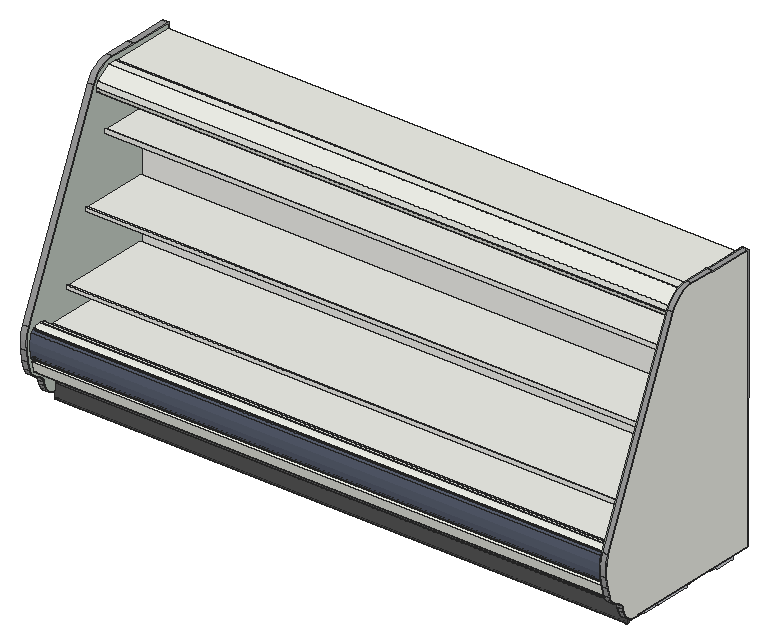
Revit family "IC3SL_2014", category Specialty Equipment, Revit 2014
Parameters (values of type "12'-0" Length")
  Width = 144 1/2"
  Waste Drain = 1 1/4"  # constant formula
  URL = "www.hussmann.com"
  Type Comments = ""
  Trim = Stainless Steel
  Total Weight = Case Weight + (2 * End Weight)  # 1350.00 lbf
  Top Clearance = 1 1/2"  # constant formula
  Splashguard = Textured Sheet Metal (Steel Painted) - 701 Black
  Side Panel - Right [instance] = yes
  Side Panel - Left [instance] = yes
  Shelves = Sheet Metal (Steel Painted) - 700 Interior White
  Shelf Lights [instance] = yes
  Shelf = yes
  Revit Family Date = "11/25/2015"  # constant formula
  Refrigeration Lines Suction = 5/8"  # constant formula
  Refrigeration Lines Liquid = 3/8"  # constant formula
  Refrig. Suction = "Suction"
  Refrig. Liquid = "Liquid"
  Number of Shelves = 3  # constant formula
  Note from Manufacturer = "This model only comes in 4'-0\", 6'-0\", 8'-0\", and 12'-0\" lengths."
  Model = "IC3SL"  # constant formula
  Manufacturer Disclaimer = "The information in this file is not intended to be an exact representation of the corresponding Hussmann product.  Further, we reserve the right to change or revise specifications and product design in connection with any feature of our products. Such changes do not entitle the buyer to corresponding changes, improvements, additions, or replacements for equipment previously sold or shipped."  # constant formula
  Manufacturer = "Hussmann Corporation"  # constant formula
  Height = 68 3/8"  # constant formula
  Ends = Textured Sheet Metal (Steel Painted) - 149 White Satin Matte
  End Weight = 75.00 lbf  # constant formula
  Drain Location = if(Width = 48 1/8", 24", if(Width = 72 1/4", 24", if(Width = 96 1/4", 24", if(Width = 144 1/2", 72", 0"))))  # 72"
  Description = ""
  Depth = 43 5/8"  # constant formula
  Clearance [instance] = no
  Case Weight = if(Width = 48 1/8", 600.00 lbf, if(Width = 72 1/4", 800.00 lbf, if(Width = 96 1/4", 1000.00 lbf, if(Width = 144 1/2", 1200.00 lbf, 0.00 lbf))))  # 1200.00 lbf
  Case Interior - Side Panel = Mirror
  Case Interior - Back Panel = Sheet Metal (Steel Painted) - 700 Interior White
  Case = Textured Sheet Metal (Steel Painted) - 149 White Satin Matte
  Bumper = Extruded PVC - 739 Royal Blue
  Back Clearance = 1 1/2"  # constant formula
  Assembly Code = ""
  Accessories/Options = ""
  8 Case = Width = 96 1/4"  # no
  6 Case = Width = 72 1/4"  # no
  12 Case = Width = 144 1/2"  # yes
Reference planes (in)
  plane 1 "Back": y = 0
  plane 2 "Bottom": z = 0
  plane 3 "Top": z = 68.375
  plane 4 "Left": x = -77.30699
  plane 5 "Front": y = -43.625
  plane 6 "Center (Left/Right)": x = -5.05699
  plane 7: y = 1.5
  plane 8: x = -78.80699
  plane 9 "Right": x = 67.19301
  plane 10: x = 68.69301
  plane 11: z = 24
  plane 12: z = 69.875
  plane 13: z = 54
  plane 14: z = 39
Forms (in)
  Extrusion 1, solid, material "Metal - Copper"
    sketch origin (63.0625, 1.04319, 0) x (1, 0, 0) y (0, 1, 0)
      loop
        arc (-67.86949, -33.91819) -> (-68.31143, -34.10125) -> (-68.49449, -34.54319) r 0.625
        arc (-68.49449, -34.54319) -> (-68.31143, -34.98513) -> (-67.86949, -35.16819) r 0.625
        arc (-67.86949, -35.16819) -> (-67.42754, -34.98513) -> (-67.24449, -34.54319) r 0.625
        arc (-67.24449, -34.54319) -> (-67.42754, -34.10125) -> (-67.86949, -33.91819) r 0.625
      loop
        circle (-67.86949, -34.54319) r 0.5852
    from 5.56944 to 0
  Extrusion 2, solid, material "Metal - Copper"
    sketch origin (57.40105, 5, -0.375) x (1, 0, 0) y (0, 1, 0)
      loop
        circle (0.97946, -33.75) r 0.28859
      loop
        circle (0.97946, -33.75) r 0.3125
    from 5.94444 to 0.375
  Extrusion 3, solid, material "Metal - Copper"
    sketch origin (59.82608, 5, -0.375) x (1, 0, 0) y (0, 1, 0)
      loop
        circle (-0.94557, -33.75) r 0.17188
      loop
        circle (-0.94557, -33.75) r 0.1875
    from 5.94444 to 0.375
  Extrusion 4, solid, material "Textured Sheet Metal (Steel Painted) - 149 White Satin Matte" <- "Case"
    sketch origin (-5.05699, 0, 0) x (0, 1, 0) y (0, 0, 1)
      loop
        line (-6.51268, 65.90801) -> (-6.51268, 16.6168) -> (-6.91828, 16.6168)
        arc (-6.91828, 16.6168) -> (-7.25281, 16.48835) -> (-7.41541, 16.16902) r 0.49985
        arc (-7.41541, 16.16902) -> (-7.47447, 15.77871) -> (-7.56901, 15.39546) r 4.3077
        line (-7.56901, 15.39546) -> (-8.2045, 15.37959)
        arc (-8.2045, 15.37959) -> (-8.38123, 15.45279) -> (-8.45443, 15.62952) r 0.24992
        line (-8.45443, 15.62952) -> (-8.45443, 15.73049) -> (-8.45443, 15.79247) -> (-8.45443, 15.9914)
        arc (-8.45443, 15.9914) -> (-8.50274, 16.10804) -> (-8.61938, 16.15635) r 0.16495
        line (-8.61938, 16.15635) -> (-19.37919, 16.15635)
        arc (-19.37919, 16.15635) -> (-19.46976, 16.12926) -> (-19.53058, 16.05688) r 0.16495
        arc (-19.53058, 16.05688) -> (-19.5914, 15.98451) -> (-19.68198, 15.95742) r 0.16495
        line (-19.68198, 15.95742) -> (-23.20989, 15.95742)
        arc (-23.20989, 15.95742) -> (-24.122, 15.92845) -> (-25.03043, 15.84168) r 14.37659
        line (-25.03043, 15.84168) -> (-35.57184, 14.49597)
        arc (-35.57184, 14.49597) -> (-35.67679, 14.43899) -> (-35.71578, 14.32612) r 0.16495
        arc (-35.71578, 14.32612) -> (-35.77516, 14.15509) -> (-35.93417, 14.06876) r 0.24992
        line (-35.93417, 14.06876) -> (-36.91851, 13.9431) -> (-37.91016, 13.81651) -> (-38.11168, 13.77211) -> (-38.09315, 17.38135) -> (-38.25187, 18.31799)
        arc (-38.25187, 18.31799) -> (-38.25909, 18.33942) -> (-38.27258, 18.35757) r 0.07227
        line (-38.27258, 18.35757) -> (-39.20515, 19.27024)
        arc (-39.20515, 19.27024) -> (-39.22358, 19.28334) -> (-39.24516, 19.29009) r 0.07227
        line (-39.24516, 19.29009) -> (-40.16281, 19.42531)
        arc (-40.16281, 19.42531) -> (-40.21579, 19.41231) -> (-40.24459, 19.36598) r 0.07227
        arc (-40.24459, 19.36598) -> (-40.25606, 19.40537) -> (-40.29138, 19.42472) r 0.05018
        arc (-40.29138, 19.42472) -> (-41.31228, 19.3713) -> (-42.26157, 18.99189) r 3.13128
        arc (-42.26157, 18.99189) -> (-42.28099, 18.97035) -> (-42.28525, 18.94165) r 0.05019
        line (-42.28525, 18.94165) -> (-42.27579, 18.87729) -> (-42.05045, 18.49713) -> (-42.05045, 12.75127) -> (-42.33423, 12.33056) -> (-42.30002, 12.36476)
        spline (-42.30002, 12.36476) -> (-42.29059, 12.3725) -> (-42.27983, 12.37825) -> (-42.26816, 12.3818) -> (-42.25602, 12.38299) -> (-42.24388, 12.3818) -> (-42.23221, 12.37826) -> (-42.22145, 12.37251) -> (-42.21202, 12.36477) -> (-42.20428, 12.35534) -> (-42.19853, 12.34458) -> (-42.19499, 12.3329) -> (-42.1938, 12.32076)
        line (-42.1938, 12.32076) -> (-42.1938, 11.72088)
        spline (-42.1938, 11.72088) -> (-42.19412, 11.71452) -> (-42.1951, 11.70822) -> (-42.19671, 11.70206) -> (-42.19894, 11.69609) -> (-42.20177, 11.69038) -> (-42.20517, 11.685) -> (-42.2091, 11.67998) -> (-42.21352, 11.6754) -> (-42.21839, 11.67129) -> (-42.22365, 11.66771) -> (-42.22925, 11.66468) -> (-42.23513, 11.66224)
        line (-42.23513, 11.66224) -> (-42.23513, 12.03376)
        arc (-42.23513, 12.03376) -> (-42.26764, 12.08072) -> (-42.32304, 12.06685) r 0.05018
        line (-42.32304, 12.06685) -> (-42.79839, 11.52504)
        arc (-42.79839, 11.52504) -> (-42.80955, 11.50331) -> (-42.80913, 11.47889) r 0.05018
        line (-42.80913, 11.47889) -> (-42.14032, 8.99596)
        arc (-42.14032, 8.99596) -> (-42.11102, 8.93786) -> (-42.06108, 8.89616) r 0.16059
        line (-42.06108, 8.89616) -> (-36.23943, 5.77763)
        arc (-36.23943, 5.77763) -> (-36.19804, 5.77279) -> (-36.16499, 5.79817) r 0.0554
        line (-36.16499, 5.79817) -> (-36.07724, 5.96199) -> (-35.24876, 5.51819) -> (-35.22368, 5.56503) -> (-8.50716, 5.56503) -> (0, 10.08456) -> (0, 68.11619) -> (-16.15054, 68.11619)
        arc (-16.15054, 68.11619) -> (-16.24473, 68.22561) -> (-16.38321, 68.26644) r 0.25527
        line (-16.38321, 68.26644) -> (-18.60529, 68.26644)
        arc (-18.60529, 68.26644) -> (-18.64062, 68.26132) -> (-18.67305, 68.24639) r 0.12446
        line (-18.67305, 68.24639) -> (-22.1328, 66.00118)
        arc (-22.1328, 66.00118) -> (-22.16668, 65.96862) -> (-22.18607, 65.92581) r 0.12446
        line (-22.18607, 65.92581) -> (-22.50408, 64.60031)
        arc (-22.50408, 64.60031) -> (-22.50751, 64.57051) -> (-22.50371, 64.54075) r 0.12446
        line (-22.50371, 64.54075) -> (-22.24784, 63.52892)
        arc (-22.24784, 63.52892) -> (-22.22266, 63.4796) -> (-22.1786, 63.44609) r 0.12446
        line (-22.1786, 63.44609) -> (-21.87607, 63.30883)
        arc (-21.87607, 63.30883) -> (-21.80412, 63.29941) -> (-21.73914, 63.33172) r 0.12446
        line (-21.73914, 63.33172) -> (-21.53411, 63.52552)
        arc (-21.53411, 63.52552) -> (-21.501, 63.57827) -> (-21.49758, 63.64046) r 0.12446
        line (-21.49758, 63.64046) -> (-21.69138, 64.60635) -> (-21.4421, 65.06253) -> (-21.06895, 65.06253)
        arc (-21.06895, 65.06253) -> (-21.02898, 65.10085) -> (-21.06559, 65.1424) r 0.04001
        line (-21.06559, 65.1424) -> (-18.86012, 65.1424)
        arc (-18.86012, 65.1424) -> (-18.83622, 65.1473) -> (-18.81617, 65.16121) r 0.06074
        line (-18.81617, 65.16121) -> (-17.43064, 66.54052) -> (-17.43064, 65.90801) -> (-6.51268, 65.90801)
    from 72.25 to -72.25
  Extrusion 5, solid, material "Extruded PVC - 739 Royal Blue" <- "Bumper"
    sketch origin (-5.05699, 0, 0) x (0, 1, 0) y (0, 0, 1)
      loop
        arc (-43.11312, 12.68449) -> (-42.90005, 12.41085) -> (-42.60529, 12.22811) r 0.98415
        arc (-42.60529, 12.22811) -> (-42.57223, 12.21559) -> (-42.53878, 12.20413) r 1.11061
        arc (-42.53878, 12.20413) -> (-42.45215, 12.20488) -> (-42.38343, 12.25762) r 0.1365
        line (-42.38343, 12.25762) -> (-42.05045, 12.75127) -> (-42.05045, 18.49713) -> (-42.27579, 18.87729)
        arc (-42.27579, 18.87729) -> (-42.44345, 18.85247) -> (-42.60529, 18.80215) r 1.09805
        arc (-42.60529, 18.80215) -> (-42.90005, 18.61941) -> (-43.11312, 18.34576) r 0.98415
        arc (-43.11312, 18.34576) -> (-43.55654, 15.51513) -> (-43.11312, 12.68449) r 9.25648
    from 72.25 to -72.25
  Extrusion 6, solid, material "Textured Sheet Metal (Steel Painted) - 701 Black" <- "Splashguard"
    sketch origin (-5.05699, 0, 0) x (0, 1, 0) y (0, 0, 1)
      loop
        line (-35.56829, 3.68546) -> (-35.56829, 0.06236)
        arc (-35.56829, 0.06236) -> (-35.54342, 0.01927) -> (-35.49366, 0.01927) r 0.04975
        line (-35.49366, 0.01927) -> (-35.41903, 0.06236) -> (-35.22157, 0.06236)
        arc (-35.22157, 0.06236) -> (-35.14226, 0.01346) -> (-35.08169, 0.08426) r 0.07165
        line (-35.08169, 0.08426) -> (-35.08169, 3.96765)
        arc (-35.08169, 3.96765) -> (-35.10889, 4.012) -> (-35.16075, 4.00785) r 0.04975
        line (-35.16075, 4.00785) -> (-35.54785, 3.72567)
        arc (-35.54785, 3.72567) -> (-35.56289, 3.70802) -> (-35.56829, 3.68546) r 0.04975
    from 72.25 to -72.25
  Extrusion 7, solid, material "Sheet Metal (Steel Painted) - 700 Interior White" <- "Shelves"
    sketch origin (-5.05699, 0, 0) x (0, 1, 0) y (0, 0, 1)
      loop
        line (-10.4778, 17.57743) -> (-36.46981, 17.57743) -> (-36.46981, 17.08433) -> (-36.88069, 17.08433)
        arc (-36.88069, 17.08433) -> (-36.98062, 17.07117) -> (-37.07375, 17.0326) r 0.38613
        line (-37.07375, 17.0326) -> (-37.21958, 16.9484) -> (-37.21958, 16.55649) -> (-37.17361, 16.55649) -> (-36.88705, 16.72194) -> (-35.47012, 16.72194) -> (-35.47012, 16.95262) -> (-10.4778, 16.95262) -> (-10.4778, 17.09957) -> (-9.827, 17.09957) -> (-9.827, 16.73668) -> (-8.93227, 16.73668) -> (-8.93227, 16.59821)
        arc (-8.93227, 16.59821) -> (-8.9027, 16.52683) -> (-8.83132, 16.49726) r 0.10095
        line (-8.83132, 16.49726) -> (-7.8816, 16.49726) -> (-7.8816, 17.10907) -> (-8.83132, 17.10907)
        arc (-8.83132, 17.10907) -> (-8.85434, 17.10641) -> (-8.87614, 17.09857) r 0.10095
        line (-8.87614, 17.09857) -> (-9.4931, 17.09857)
        arc (-9.4931, 17.09857) -> (-9.37611, 17.14803) -> (-9.32765, 17.26502) r 0.16545
        arc (-9.32765, 17.26502) -> (-9.37611, 17.38201) -> (-9.4931, 17.43047) r 0.16545
        line (-9.4931, 17.43047) -> (-9.62218, 17.52973) -> (-10.4778, 17.52973) -> (-10.4778, 17.57743)
      loop
        arc (-8.38145, 16.1856) -> (-8.41805, 16.27396) -> (-8.50641, 16.31056) r 0.12496
        line (-8.50641, 16.31056) -> (-19.45705, 16.31056)
        arc (-19.45705, 16.31056) -> (-19.54785, 16.28332) -> (-19.60866, 16.21059) r 0.16495
        arc (-19.60866, 16.21059) -> (-19.66947, 16.13786) -> (-19.76027, 16.11062) r 0.16495
        line (-19.76027, 16.11062) -> (-23.20989, 16.11062)
        arc (-23.20989, 16.11062) -> (-24.13172, 16.08135) -> (-25.04983, 15.99365) r 14.5298
        line (-25.04983, 15.99365) -> (-36.39594, 14.54521)
        arc (-36.39594, 14.54521) -> (-36.47504, 14.53479) -> (-36.55386, 14.52247) r 3.33048
        arc (-36.55386, 14.52247) -> (-36.67572, 14.4772) -> (-36.72694, 14.35772) r 0.16495
        line (-36.72694, 14.35772) -> (-36.72694, 14.26117)
        arc (-36.72694, 14.26117) -> (-36.78929, 14.09602) -> (-36.94522, 14.01326) r 0.24992
        line (-36.94522, 14.01326) -> (-37.9194, 13.8889) -> (-37.91016, 13.81651) -> (-36.91851, 13.9431) -> (-35.93417, 14.06876)
        arc (-35.93417, 14.06876) -> (-35.77516, 14.15509) -> (-35.71578, 14.32612) r 0.24992
        arc (-35.71578, 14.32612) -> (-35.67679, 14.43899) -> (-35.57184, 14.49597) r 0.16495
        line (-35.57184, 14.49597) -> (-25.03043, 15.84168)
        arc (-25.03043, 15.84168) -> (-24.122, 15.92845) -> (-23.20989, 15.95742) r 14.37659
        line (-23.20989, 15.95742) -> (-19.68198, 15.95742)
        arc (-19.68198, 15.95742) -> (-19.5914, 15.98451) -> (-19.53058, 16.05688) r 0.16495
        arc (-19.53058, 16.05688) -> (-19.46976, 16.12926) -> (-19.37919, 16.15635) r 0.16495
        line (-19.37919, 16.15635) -> (-8.61938, 16.15635)
        arc (-8.61938, 16.15635) -> (-8.50274, 16.10804) -> (-8.45443, 15.9914) r 0.16495
        line (-8.45443, 15.9914) -> (-8.45443, 15.79247) -> (-8.45443, 15.73049) -> (-8.45443, 15.62952)
        arc (-8.45443, 15.62952) -> (-8.38123, 15.45279) -> (-8.2045, 15.37959) r 0.24992
        line (-8.2045, 15.37959) -> (-7.8816, 15.38765) -> (-7.8816, 15.45257) -> (-8.13153, 15.45257)
        arc (-8.13153, 15.45257) -> (-8.30825, 15.52577) -> (-8.38145, 15.70249) r 0.24992
        line (-8.38145, 15.70249) -> (-8.38145, 15.80455) -> (-8.38145, 15.94567) -> (-8.38145, 16.1856)
    from 72.25 to -72.25
  Extrusion 8, solid, material "Sheet Metal (Steel Painted) - 700 Interior White" <- "Case Interior - Back Panel"
    sketch origin (-4.80699, 0, 0) x (0, 1, 0) y (0, 0, 1)
      loop
        line (-15.11373, 62.66268) -> (-17.48478, 64.91272) -> (-17.13898, 65.27711) -> (-18.79829, 65.00729)
        arc (-18.79829, 65.00729) -> (-18.90455, 65.03906) -> (-18.94535, 65.14219) r 0.12702
        line (-18.94535, 65.14219) -> (-18.84323, 65.14219)
        arc (-18.84323, 65.14219) -> (-18.82417, 65.14598) -> (-18.80802, 65.15677) r 0.04979
        line (-18.80802, 65.15677) -> (-17.43064, 66.53415) -> (-17.43064, 65.72572) -> (-6.52204, 65.72572) -> (-6.52204, 16.73918) -> (-7.8816, 16.73918) -> (-7.8816, 63.21931) -> (-14.15679, 63.27408) -> (-14.94727, 62.44109) -> (-15.14764, 62.63124)
        arc (-15.14764, 62.63124) -> (-15.14849, 62.66386) -> (-15.11587, 62.66471) r 0.02307
      loop
        line (-20.44442, 65.09545) -> (-20.44442, 63.9302) -> (-19.25921, 63.9302) -> (-19.25921, 65.09545) -> (-20.44442, 65.09545)
    from 72 to -72.5
  Extrusion 9, solid, material "Mirror" <- "Case Interior - Side Panel", visible <- "Side Panel - Right"
    sketch origin (67.19301, 0, 0) x (0, 0, 1) y (0, -1, 0)
      loop
        line (2.07462, -0.56243) -> (69.1613, -0.56243) -> (69.1613, 10.63893) -> (69.35266, 10.63893) -> (69.35266, 17.18573)
        arc (69.35266, 17.18573) -> (68.29584, 20.75624) -> (65.46588, 23.1763) r 6.55991
        line (65.46588, 23.1763) -> (19.72383, 43.58746)
        arc (19.72383, 43.58746) -> (17.25686, 44.30025) -> (14.689, 44.31158) r 9.30454
        arc (14.689, 44.31158) -> (13.35723, 44.0885) -> (12.04241, 43.78084) r 21.13916
        line (12.04241, 43.78084) -> (9.71732, 43.15784)
        arc (9.71732, 43.15784) -> (8.51808, 42.54949) -> (7.66622, 41.50901) r 3.26133
        line (7.66622, 41.50901) -> (7.00648, 40.23678)
        arc (7.00648, 40.23678) -> (6.27976, 39.34918) -> (5.25668, 38.83028) r 2.78188
        line (5.25668, 38.83028) -> (4.30074, 38.57422)
        arc (4.30074, 38.57422) -> (2.55726, 37.40943) -> (1.88324, 35.42395) r 3.26133
        line (1.88324, 35.42395) -> (1.88324, 34.37747) -> (2.07462, 34.37747) -> (2.07462, -0.56243)
    from 0.03125 to 0
  Extrusion 10, solid, material "Textured Sheet Metal (Steel Painted) - 149 White Satin Matte" <- "Ends"
    sketch origin (67.19301, 0, 0) x (0, 0, 1) y (0, -1, 0)
      loop
        line (2.07466, -0.56248) -> (69.16134, -0.56248) -> (69.16134, 10.63889) -> (69.35271, 10.63889) -> (69.35271, 17.18569)
        arc (69.35271, 17.18569) -> (68.29588, 20.75619) -> (65.46592, 23.17625) r 6.55991
        line (65.46592, 23.17625) -> (19.72387, 43.58741)
        arc (19.72387, 43.58741) -> (17.2569, 44.30021) -> (14.68904, 44.31154) r 9.30454
        arc (14.68904, 44.31154) -> (13.35727, 44.08846) -> (12.04245, 43.7808) r 21.13916
        line (12.04245, 43.7808) -> (9.71736, 43.1578)
        arc (9.71736, 43.1578) -> (8.51812, 42.54945) -> (7.66626, 41.50896) r 3.26133
        line (7.66626, 41.50896) -> (7.00652, 40.23674)
        arc (7.00652, 40.23674) -> (6.2798, 39.34914) -> (5.25672, 38.83024) r 2.78188
        line (5.25672, 38.83024) -> (4.30078, 38.57418)
        arc (4.30078, 38.57418) -> (2.55731, 37.40939) -> (1.88328, 35.42391) r 3.26133
        line (1.88328, 35.42391) -> (1.88328, 34.37743) -> (2.07466, 34.37743) -> (2.07466, -0.56248)
    from 0.03125 to 1.5
  Extrusion 11, solid, material "Textured Sheet Metal (Steel Painted) - 149 White Satin Matte" <- "Ends"
    sketch origin (-77.30699, 0, 0) x (0, 1, 0) y (0, 0, 1)
      loop
        line (0.56243, 2.07462) -> (0.56243, 69.1613) -> (-10.63893, 69.1613) -> (-10.63893, 69.35266) -> (-17.18573, 69.35266)
        arc (-17.18573, 69.35266) -> (-20.75624, 68.29584) -> (-23.1763, 65.46588) r 6.55991
        line (-23.1763, 65.46588) -> (-43.58746, 19.72383)
        arc (-43.58746, 19.72383) -> (-44.30025, 17.25686) -> (-44.31158, 14.689) r 9.30454
        arc (-44.31158, 14.689) -> (-44.0885, 13.35723) -> (-43.78084, 12.04241) r 21.13916
        line (-43.78084, 12.04241) -> (-43.15784, 9.71732)
        arc (-43.15784, 9.71732) -> (-42.54949, 8.51808) -> (-41.50901, 7.66622) r 3.26133
        line (-41.50901, 7.66622) -> (-40.23678, 7.00648)
        arc (-40.23678, 7.00648) -> (-39.34918, 6.27976) -> (-38.83028, 5.25668) r 2.78188
        line (-38.83028, 5.25668) -> (-38.57422, 4.30074)
        arc (-38.57422, 4.30074) -> (-37.40943, 2.55726) -> (-35.42395, 1.88324) r 3.26133
        line (-35.42395, 1.88324) -> (-34.37747, 1.88324) -> (-34.37747, 2.07462) -> (0.56243, 2.07462)
    from -1.5 to -0.03125
  Extrusion 12, solid, material "Mirror" <- "Case Interior - Side Panel"
    sketch origin (-77.30699, 0, 0) x (0, 1, 0) y (0, 0, 1)
      loop
        line (0.56243, 2.07462) -> (0.56243, 69.1613) -> (-10.63893, 69.1613) -> (-10.63893, 69.35266) -> (-17.18573, 69.35266)
        arc (-17.18573, 69.35266) -> (-20.75624, 68.29584) -> (-23.1763, 65.46588) r 6.55991
        line (-23.1763, 65.46588) -> (-43.58746, 19.72383)
        arc (-43.58746, 19.72383) -> (-44.30025, 17.25686) -> (-44.31158, 14.689) r 9.30454
        arc (-44.31158, 14.689) -> (-44.0885, 13.35723) -> (-43.78084, 12.04241) r 21.13916
        line (-43.78084, 12.04241) -> (-43.15784, 9.71732)
        arc (-43.15784, 9.71732) -> (-42.54949, 8.51808) -> (-41.50901, 7.66622) r 3.26133
        line (-41.50901, 7.66622) -> (-40.23678, 7.00648)
        arc (-40.23678, 7.00648) -> (-39.34918, 6.27976) -> (-38.83028, 5.25668) r 2.78188
        line (-38.83028, 5.25668) -> (-38.57422, 4.30074)
        arc (-38.57422, 4.30074) -> (-37.40943, 2.55726) -> (-35.42395, 1.88324) r 3.26133
        line (-35.42395, 1.88324) -> (-34.37747, 1.88324) -> (-34.37747, 2.07462) -> (0.56243, 2.07462)
    from -0.03125 to 0
  Sweep 13, solid, material "Stainless Steel" <- "Trim"
    path origin (67.19301, 0, 0) x (0, 0, 1) y (0, -1, 0)
      loop
        line (2.07468, -0.5625) -> (69.16136, -0.5625) -> (69.16136, 10.63887) -> (69.35273, 10.63887) -> (69.35273, 17.18567)
        arc (69.35273, 17.18567) -> (68.2959, 20.75617) -> (65.46594, 23.17623) r 6.55991
        line (65.46594, 23.17623) -> (19.72389, 43.58739)
        arc (19.72389, 43.58739) -> (17.25692, 44.30019) -> (14.68906, 44.31152) r 9.30454
        arc (14.68906, 44.31152) -> (13.35729, 44.08843) -> (12.04247, 43.78078) r 21.13916
        line (12.04247, 43.78078) -> (9.71739, 43.15778)
        arc (9.71739, 43.15778) -> (8.51814, 42.54943) -> (7.66629, 41.50894) r 3.26133
        line (7.66629, 41.50894) -> (7.00654, 40.23672)
        arc (7.00654, 40.23672) -> (6.27983, 39.34912) -> (5.25674, 38.83021) r 2.78188
        line (5.25674, 38.83021) -> (4.3008, 38.57416)
        arc (4.3008, 38.57416) -> (2.55733, 37.40937) -> (1.8833, 35.42389) r 3.26133
        line (1.8833, 35.42389) -> (1.8833, 34.3774) -> (2.07468, 34.3774) -> (2.07468, -0.5625)
    profile origin (67.19301, -16.90745, 2.07468) x (0, 0, -1) y (1, 0, 0)
      loop
        line (-0.00002, 0) -> (0.03123, 0) -> (0.03123, 1.5) -> (-0.00002, 1.5) -> (-0.00002, 0)
  Sweep 14, solid, material "Stainless Steel" <- "Trim"
    path origin (-77.30699, 0, 0) x (0, 1, 0) y (0, 0, 1)
      loop
        line (0.56248, 2.07466) -> (0.56248, 69.16134) -> (-10.63889, 69.16134) -> (-10.63889, 69.35271) -> (-17.18569, 69.35271)
        arc (-17.18569, 69.35271) -> (-20.75619, 68.29588) -> (-23.17625, 65.46592) r 6.55991
        line (-23.17625, 65.46592) -> (-43.58741, 19.72387)
        arc (-43.58741, 19.72387) -> (-44.30021, 17.2569) -> (-44.31154, 14.68904) r 9.30454
        arc (-44.31154, 14.68904) -> (-44.08846, 13.35727) -> (-43.7808, 12.04245) r 21.13916
        line (-43.7808, 12.04245) -> (-43.1578, 9.71736)
        arc (-43.1578, 9.71736) -> (-42.54945, 8.51812) -> (-41.50896, 7.66626) r 3.26133
        line (-41.50896, 7.66626) -> (-40.23674, 7.00652)
        arc (-40.23674, 7.00652) -> (-39.34914, 6.2798) -> (-38.83024, 5.25672) r 2.78188
        line (-38.83024, 5.25672) -> (-38.57418, 4.30078)
        arc (-38.57418, 4.30078) -> (-37.40939, 2.55731) -> (-35.42391, 1.88328) r 3.26133
        line (-35.42391, 1.88328) -> (-34.37743, 1.88328) -> (-34.37743, 2.07466) -> (0.56248, 2.07466)
    profile origin (-77.30699, -16.90747, 2.07466) x (0, 0, -1) y (1, 0, 0)
      loop
        line (-0.00004, 0) -> (-0.00004, -1.5) -> (0.03121, -1.5) -> (0.03121, 0) -> (-0.00004, 0)
  Extrusion 15, solid, material "Textured Sheet Metal (Steel Painted) - 701 Black" <- "Splashguard"
    sketch origin (-5.05699, 0, 0) x (0, 1, 0) y (0, 0, 1)
      loop
        line (-35.08169, 2.14108) -> (-35.04686, 2.14108) -> (-35.04686, 4.52666)
        arc (-35.04686, 4.52666) -> (-35.05352, 4.55153) -> (-35.07173, 4.56974) r 0.04975
        line (-35.07173, 4.56974) -> (-36.06979, 5.14597) -> (-36.06979, 5.80949) -> (-36.10461, 5.80949) -> (-36.10461, 5.15459)
        arc (-36.10461, 5.15459) -> (-36.09795, 5.12971) -> (-36.07974, 5.1115) r 0.04975
        line (-36.07974, 5.1115) -> (-35.08169, 4.53527) -> (-35.08169, 2.14108)
    from 72.25 to -72.25
Lines and regions (in)
  reference lines
    curve 1: line (-4.80699, -43.625, 0) -> (-4.80699, 0, 0)
    curve 2: line (64.69301, -43.625, 0) -> (64.69301, 0, 0)
    curve 3: line (58.69301, -43.625, 0) -> (58.69301, 0, 0)
    curve 4: line (-77.30699, -33.5, 0) -> (67.19301, -33.5, 0)
    curve 5: line (67.19301, -28.75, 0) -> (-77.30699, -28.75, 0)
  symbolic lines, style "Clearance", visible <- "Clearance"
    curve 6: line (-77.30699, 1.5, 0) -> (67.19301, 1.5, 0)
    curve 7: line (67.19301, 1.5, 0) -> (67.19301, 0.02372, 0)
    curve 8: line (-77.30699, 1.5, 0) -> (-77.30699, 0, 0)
    curve 9: line (-5.05699, 0, 69.19259) -> (-5.05699, 0, 69.875)
    curve 10: line (-5.05699, 0, 69.875) -> (-5.05699, -22.50751, 69.875)
    curve 11: line (-5.05699, -22.50751, 66.68141) -> (-5.05699, -22.50751, 69.875)
    curve 12: line (-5.05699, 0.59373, 68.11619) -> (-5.05699, 1.5, 68.11619)
    curve 13: line (-5.05699, 1.5, 68.11619) -> (-5.05699, 1.5, 0)
    curve 14: line (-77.30699, -40, 68.07429) -> (-77.30699, -40, 69.875)
    curve 15: line (-77.30699, -40, 69.875) -> (67.19301, -40, 69.875)
    curve 16: line (67.19301, -40, 69.875) -> (67.19301, -40, 68.07429)
  model lines, style "SpecialityEquipment", detail levels fine
    curve 17: line (-5.05699, -35.22368, 5.56503) -> (-5.05699, -42.01761, 9.20439)
    curve 18: arc (-5.05699, -42.01761, 9.20439) -> (-5.05699, -42.04161, 9.22728) -> (-5.05699, -42.05045, 9.25925) r 0.06223
    curve 19: line (-5.05699, -42.05045, 9.25925) -> (-5.05699, -42.05045, 18.49713)
    curve 20: line (-5.05699, -42.05045, 18.49713) -> (-5.05699, -41.00111, 18.49713)
    curve 21: line (-5.05699, -41.00111, 18.49713) -> (-5.05699, -41.00111, 12.7182)
    curve 22: arc (-5.05699, -41.00111, 12.7182) -> (-5.05699, -40.9657, 12.53456) -> (-5.05699, -40.86454, 12.37725) r 0.49387
    curve 23: line (-5.05699, -40.86454, 12.37725) -> (-5.05699, -40.18297, 11.71682)
    curve 24: arc (-5.05699, -40.18297, 11.71682) -> (-5.05699, -40.07462, 11.55465) -> (-5.05699, -40.03657, 11.36337) r 0.49985
    curve 25: line (-5.05699, -40.03657, 11.36337) -> (-5.05699, -40.03657, 10.88856)
    curve 26: arc (-5.05699, -40.03657, 10.88856) -> (-5.05699, -39.89017, 10.53511) -> (-5.05699, -39.53672, 10.38871) r 0.49985
    curve 27: line (-5.05699, -39.53672, 10.38871) -> (-5.05699, -38.69968, 10.38871)
    curve 28: arc (-5.05699, -38.69968, 10.38871) -> (-5.05699, -38.35246, 10.24843) -> (-5.05699, -38.20014, 9.90631) r 0.49985
    curve 29: line (-5.05699, -38.20014, 9.90631) -> (-5.05699, -38.19034, 9.62576)
    curve 30: arc (-5.05699, -38.19034, 9.62576) -> (-5.05699, -38.1151, 9.37898) -> (-5.05699, -37.92683, 9.2026) r 0.49985
    curve 31: line (-5.05699, -37.92683, 9.2026) -> (-5.05699, -37.22246, 8.82528)
    curve 32: arc (-5.05699, -37.22246, 8.82528) -> (-5.05699, -37.10811, 8.78108) -> (-5.05699, -36.98643, 8.76605) r 0.49985
    curve 33: line (-5.05699, -36.98643, 8.76605) -> (-5.05699, -34.78966, 8.76605)
    curve 34: arc (-5.05699, -34.78966, 8.76605) -> (-5.05699, -34.53974, 8.83301) -> (-5.05699, -34.35678, 9.01597) r 0.49985
    curve 35: line (-5.05699, -34.35678, 9.01597) -> (-5.05699, -33.70852, 10.13879)
    curve 36: arc (-5.05699, -33.70852, 10.13879) -> (-5.05699, -33.52557, 10.32175) -> (-5.05699, -33.27564, 10.38871) r 0.49985
    curve 37: line (-5.05699, -33.27564, 10.38871) -> (-5.05699, -24.44274, 10.38871)
    curve 38: line (-5.05699, -24.44274, 10.38871) -> (-5.05699, -11.07263, 12.35589)
    curve 39: arc (-5.05699, -11.07263, 12.35589) -> (-5.05699, -8.87679, 13.36385) -> (-5.05699, -7.56901, 15.39546) r 4.3077
  model lines, style "SpecialityEquipment", not visible, detail levels fine
    curve 40: line (-5.05699, -35.22368, 5.56503) -> (-5.05699, -42.01761, 9.20439)
    curve 41: arc (-5.05699, -42.01761, 9.20439) -> (-5.05699, -42.04161, 9.22728) -> (-5.05699, -42.05045, 9.25925) r 0.06223
    curve 42: line (-5.05699, -42.05045, 9.25925) -> (-5.05699, -42.05045, 18.49713)
    curve 43: line (-5.05699, -42.05045, 18.49713) -> (-5.05699, -41.00111, 18.49713)
    curve 44: line (-5.05699, -41.00111, 18.49713) -> (-5.05699, -41.00111, 12.7182)
    curve 45: arc (-5.05699, -41.00111, 12.7182) -> (-5.05699, -40.9657, 12.53456) -> (-5.05699, -40.86454, 12.37725) r 0.49387
    curve 46: line (-5.05699, -40.86454, 12.37725) -> (-5.05699, -40.18297, 11.71682)
    curve 47: arc (-5.05699, -40.18297, 11.71682) -> (-5.05699, -40.07462, 11.55465) -> (-5.05699, -40.03657, 11.36337) r 0.49985
    curve 48: line (-5.05699, -40.03657, 11.36337) -> (-5.05699, -40.03657, 10.88856)
    curve 49: arc (-5.05699, -40.03657, 10.88856) -> (-5.05699, -39.89017, 10.53511) -> (-5.05699, -39.53672, 10.38871) r 0.49985
    curve 50: line (-5.05699, -39.53672, 10.38871) -> (-5.05699, -38.69968, 10.38871)
    curve 51: arc (-5.05699, -38.69968, 10.38871) -> (-5.05699, -38.35246, 10.24843) -> (-5.05699, -38.20014, 9.90631) r 0.49985
    curve 52: line (-5.05699, -38.20014, 9.90631) -> (-5.05699, -38.19034, 9.62576)
    curve 53: arc (-5.05699, -38.19034, 9.62576) -> (-5.05699, -38.1151, 9.37898) -> (-5.05699, -37.92683, 9.2026) r 0.49985
    curve 54: line (-5.05699, -37.92683, 9.2026) -> (-5.05699, -37.22246, 8.82528)
    curve 55: arc (-5.05699, -37.22246, 8.82528) -> (-5.05699, -37.10811, 8.78108) -> (-5.05699, -36.98643, 8.76605) r 0.49985
    curve 56: line (-5.05699, -36.98643, 8.76605) -> (-5.05699, -34.78966, 8.76605)
    curve 57: arc (-5.05699, -34.78966, 8.76605) -> (-5.05699, -34.53974, 8.83301) -> (-5.05699, -34.35678, 9.01597) r 0.49985
    curve 58: line (-5.05699, -34.35678, 9.01597) -> (-5.05699, -33.70852, 10.13879)
    curve 59: arc (-5.05699, -33.70852, 10.13879) -> (-5.05699, -33.52557, 10.32175) -> (-5.05699, -33.27564, 10.38871) r 0.49985
    curve 60: line (-5.05699, -33.27564, 10.38871) -> (-5.05699, -24.44274, 10.38871)
    curve 61: line (-5.05699, -24.44274, 10.38871) -> (-5.05699, -11.07263, 12.35589)
    curve 62: arc (-5.05699, -11.07263, 12.35589) -> (-5.05699, -8.87679, 13.36385) -> (-5.05699, -7.56901, 15.39546) r 4.3077
Dimensions and locks (in)
  equal spacing: plane 4 "Left", plane 6 "Center (Left/Right)", plane 9 "Right"
  locked: plane 8 to plane 4 "Left" at 1.5
  "Width": plane 4 "Left" to plane 9 "Right"
  locked: curve 2 to plane 9 "Right" at 2.5
  "Drain Location": curve 1 to plane 9 "Right"
  "Depth": plane 5 "Front" to plane 1 "Back"
  "Back Clearance": plane 1 "Back" to plane 7
  locked: curve 3 to plane 9 "Right" at 8.5
  "Height": plane 3 "Top" to level
  locked: plane 1 "Back" to curve 4 at 33.5
  locked: plane 1 "Back" to curve 5 at 28.75
  locked: plane 9 "Right" to plane 10 at 1.5
  locked: plane 11 to level at 24
  locked: plane 13 to level at 54
  "Top Clearance": plane 12 to plane 3 "Top"
  locked: Extrusion 1 sketch curve to Extrusion 1 sketch curve at 0.0398
  locked: Extrusion 3 sketch curve to Extrusion 3 sketch curve at 0.01562
  locked: Extrusion 2 sketch curve to Extrusion 2 sketch curve at 0.02391
  nested 7 to plane 6 "Center (Left/Right)" to nested 8 = 24" locked, 24" locked
  locked: plane 14 to level at 39
  "Waste Drain": diameter of Extrusion 1 sketch curve
  "Refrigeration Lines Liquid": diameter of Extrusion 3 sketch curve
  "Refrigeration Lines Suction": diameter of Extrusion 2 sketch curve
  aligned and locked: plane 5 "Front" to curve 1
  aligned and locked: plane 5 "Front" to curve 2
  aligned and locked: plane 4 "Left" to curve 4
  aligned and locked: plane 4 "Left" to curve 5
  aligned and locked: plane 9 "Right" to curve 5
  aligned and locked: plane 9 "Right" to curve 4
  aligned and locked: Extrusion 2 to level
  aligned and locked: Extrusion 3 to level
  aligned and locked: curve 5 to Extrusion 3 sketch curve  (x4)
  aligned and locked: curve 5 to Extrusion 2 sketch curve  (x4)
  aligned and locked: curve 4 to Extrusion 1 sketch curve  (x3)
  aligned and locked: curve 1 to Extrusion 1 sketch curve
  aligned and locked: curve 3 to Extrusion 3 sketch curve
  aligned and locked: curve 3 to Extrusion 2 sketch curve
  aligned and locked: Extrusion 4 to plane 4 "Left"
  aligned and locked: plane 9 "Right" to Extrusion 4
  aligned and locked: Extrusion 8 to plane 4 "Left"
  aligned and locked: plane 9 "Right" to Extrusion 8
  aligned and locked: Extrusion 7 to plane 4 "Left"
  aligned and locked: plane 9 "Right" to Extrusion 7
  aligned and locked: Extrusion 5 to plane 4 "Left"
  aligned and locked: plane 9 "Right" to Extrusion 5
  aligned and locked: plane 11 to nested 1
  aligned and locked: Extrusion 8 to nested 1
  aligned and locked: Extrusion 8 to nested 2
  aligned and locked: Extrusion 9 to plane 9 "Right"
  aligned and locked: plane 4 "Left" to nested 2
  aligned and locked: plane 4 "Left" to nested 1
  aligned and locked: plane 9 "Right" to Extrusion 6
  aligned and locked: Extrusion 6 to plane 4 "Left"
  aligned and locked: plane 4 "Left" to nested 3
  aligned and locked: nested 1 to nested 3
  aligned and locked: plane 1 "Back" to nested 4
  aligned and locked: plane 4 "Left" to nested 4
  aligned and locked: nested 6 to plane 1 "Back"
  aligned and locked: plane 9 "Right" to nested 6
  aligned and locked: plane 1 "Back" to nested 5
  aligned and locked: plane 6 "Center (Left/Right)" to nested 5
  aligned and locked: nested 8 to plane 1 "Back"
  aligned and locked: plane 1 "Back" to nested 7
  aligned and locked: curve 6 to plane 7
  aligned and locked: curve 8 to plane 4 "Left"
  aligned and locked: curve 7 to plane 9 "Right"
  aligned and locked: curve 13 to plane 7
  aligned and locked: plane 12 to curve 15
  aligned and locked: curve 16 to plane 9 "Right"
  aligned and locked: plane 4 "Left" to curve 14
  aligned and locked: plane 6 "Center (Left/Right)" to nested 9
  aligned and locked: plane 1 "Back" to nested 9
  aligned and locked: nested 2 to nested 10
  aligned and locked: plane 4 "Left" to nested 11
  aligned and locked: Extrusion 8 to nested 11
  aligned and locked: Extrusion 10 to Extrusion 9
  aligned and locked: plane 10 to Extrusion 10
  aligned and locked: plane 8 to Extrusion 11
  aligned and locked: Extrusion 12 to Extrusion 11
  aligned and locked: plane 4 "Left" to Extrusion 12
  aligned and locked: Extrusion 9 to Sweep 13 sketch curve
  aligned and locked: plane 10 to Sweep 13 sketch curve
  aligned and locked: Sweep 14 sketch curve to Extrusion 12
  aligned and locked: Sweep 14 sketch curve to plane 8
  aligned and locked: nested 12 to nested 13
  aligned and locked: plane 13 to nested 2
  aligned and locked: plane 14 to nested 12
  aligned and locked: Extrusion 15 to plane 4 "Left"
  aligned and locked: plane 9 "Right" to Extrusion 15
Automatic sketch dimensions
  plane 1 "Back" to curve 8 = 0"
  curve 7 to plane 1 "Back" = 0.02372"
  level to Extrusion 6 sketch curve = 0.06236"  (x2)
  level to Extrusion 6 sketch curve = 3.72567"
  Extrusion 6 sketch curve to Extrusion 6 sketch curve = 0.02045"
  Extrusion 6 sketch curve to Extrusion 6 sketch curve = 0.04975"  (x2)
  level to Extrusion 6 sketch curve = 0.01927"
  Extrusion 6 sketch curve to Extrusion 6 sketch curve = 0.07463"
  Extrusion 6 sketch curve to Extrusion 6 sketch curve = 0.19746"
  level to Extrusion 6 sketch curve = 4.00785"
  Extrusion 6 sketch curve to Extrusion 6 sketch curve = 0.06823"
  Extrusion 6 sketch curve to Extrusion 6 sketch curve = 0.02931"
  Extrusion 6 sketch curve to Extrusion 6 sketch curve = 0.04021"
  Extrusion 7 sketch curve to Extrusion 7 sketch curve = 0"  (x6)
  plane 5 "Front" to Extrusion 7 sketch curve = 5.7056"
  Extrusion 7 sketch curve to Extrusion 7 sketch curve = 0.00924"
  Extrusion 7 sketch curve to Extrusion 7 sketch curve = 0.69982"
  Extrusion 7 sketch curve to Extrusion 7 sketch curve = 0.04597"
  Extrusion 7 sketch curve to Extrusion 7 sketch curve = 0.14583"
  Extrusion 7 sketch curve to Extrusion 7 sketch curve = 0.94253"
  Extrusion 7 sketch curve to Extrusion 7 sketch curve = 0.03165"  (x2)
  Extrusion 7 sketch curve to Extrusion 7 sketch curve = 0.02671"
  Extrusion 7 sketch curve to Extrusion 7 sketch curve = 0.28657"
  Extrusion 7 sketch curve to Extrusion 7 sketch curve = 0.00636"
  Extrusion 7 sketch curve to Extrusion 7 sketch curve = 0.24992"  (x2)
  Extrusion 7 sketch curve to Extrusion 7 sketch curve = 0.16495"  (x3)
  Extrusion 7 sketch curve to Extrusion 7 sketch curve = 0.41087"
  Extrusion 7 sketch curve to Extrusion 7 sketch curve = 0.16605"
  Extrusion 7 sketch curve to Extrusion 7 sketch curve = 0.91812"
  Extrusion 7 sketch curve to Extrusion 7 sketch curve = 0.43012"
  Extrusion 7 sketch curve to Extrusion 7 sketch curve = 0.39398"
  Extrusion 7 sketch curve to Extrusion 7 sketch curve = 0.02089"
  Extrusion 7 sketch curve to Extrusion 7 sketch curve = 0.99969"
  Extrusion 7 sketch curve to plane 11 = 8.00635"
  Extrusion 7 sketch curve to Extrusion 7 sketch curve = 10.42029"
  Extrusion 7 sketch curve to plane 11 = 8.15832"
  Extrusion 7 sketch curve to Extrusion 7 sketch curve = 0.0194"
  Extrusion 7 sketch curve to Extrusion 7 sketch curve = 1.82053"
  Extrusion 7 sketch curve to Extrusion 7 sketch curve = 3.44963"
  Extrusion 7 sketch curve to Extrusion 7 sketch curve = 0.07829"
  Extrusion 7 sketch curve to Extrusion 7 sketch curve = 0.22493"
  Extrusion 7 sketch curve to Extrusion 7 sketch curve = 0.07786"
  Extrusion 7 sketch curve to Extrusion 7 sketch curve = 8.90139"
  Extrusion 7 sketch curve to Extrusion 7 sketch curve = 0.6508"
  Extrusion 7 sketch curve to Extrusion 7 sketch curve = 0.20482"
  Extrusion 7 sketch curve to Extrusion 7 sketch curve = 0.12908"
  Extrusion 7 sketch curve to Extrusion 7 sketch curve = 0.56083"
  Extrusion 7 sketch curve to Extrusion 7 sketch curve = 0.05613"
  Extrusion 7 sketch curve to Extrusion 7 sketch curve = 0.04482"
  Extrusion 7 sketch curve to Extrusion 7 sketch curve = 0.10095"
  Extrusion 7 sketch curve to Extrusion 7 sketch curve = 0.21194"
  Extrusion 7 sketch curve to Extrusion 7 sketch curve = 0.11297"
  Extrusion 7 sketch curve to Extrusion 7 sketch curve = 0.07298"  (x2)
  Extrusion 7 sketch curve to Extrusion 7 sketch curve = 0.17695"
  Extrusion 7 sketch curve to Extrusion 7 sketch curve = 0.49985"
  Extrusion 7 sketch curve to plane 11 = 8.19545"
  Extrusion 7 sketch curve to Extrusion 7 sketch curve = 0.01208"
  Extrusion 7 sketch curve to Extrusion 7 sketch curve = 0.06198"
  Extrusion 7 sketch curve to Extrusion 7 sketch curve = 0.02799"
  Extrusion 7 sketch curve to Extrusion 7 sketch curve = 0.10097"
  Extrusion 7 sketch curve to Extrusion 7 sketch curve = 0.06492"
  Extrusion 7 sketch curve to plane 11 = 9.45479"
  Extrusion 7 sketch curve to Extrusion 7 sketch curve = 0.04924"
  Extrusion 7 sketch curve to Extrusion 7 sketch curve = 3/16"
  Extrusion 7 sketch curve to Extrusion 7 sketch curve = 0.16362"
  Extrusion 7 sketch curve to Extrusion 7 sketch curve = 0.01567"
  Extrusion 7 sketch curve to Extrusion 7 sketch curve = 0.09655"
  Extrusion 7 sketch curve to Extrusion 7 sketch curve = 0.24791"
  Extrusion 7 sketch curve to Extrusion 7 sketch curve = 0.07016"
  Extrusion 7 sketch curve to Extrusion 7 sketch curve = 2.83046"
  level to Extrusion 7 sketch curve = 1.58082"
  Extrusion 7 sketch curve to Extrusion 7 sketch curve = 0.14112"
  Extrusion 7 sketch curve to Extrusion 7 sketch curve = 0.03399"
  Extrusion 7 sketch curve to Extrusion 7 sketch curve = 0.04574"
  Extrusion 7 sketch curve to Extrusion 7 sketch curve = 0.01175"
  Extrusion 7 sketch curve to Extrusion 7 sketch curve = 0.01075"
  Extrusion 7 sketch curve to Extrusion 7 sketch curve = 0.02924"
  Extrusion 7 sketch curve to Extrusion 7 sketch curve = 0.1867"
  Extrusion 7 sketch curve to Extrusion 7 sketch curve = 2.03402"
  Extrusion 7 sketch curve to Extrusion 7 sketch curve = 0.14171"
  Extrusion 7 sketch curve to Extrusion 7 sketch curve = 0.02374"
  Extrusion 7 sketch curve to Extrusion 7 sketch curve = 0.13847"
  Extrusion 7 sketch curve to Extrusion 7 sketch curve = 0.39191"
  Extrusion 7 sketch curve to Extrusion 7 sketch curve = 0.23068"
  Extrusion 7 sketch curve to Extrusion 7 sketch curve = 0.27143"
  Extrusion 7 sketch curve to Extrusion 7 sketch curve = 0.0842"
  Extrusion 7 sketch curve to Extrusion 7 sketch curve = 0.09046"
  Extrusion 7 sketch curve to Extrusion 7 sketch curve = 0.001"
  Extrusion 7 sketch curve to Extrusion 7 sketch curve = 0.16645"
  Extrusion 7 sketch curve to Extrusion 7 sketch curve = 0.16545"
  Extrusion 7 sketch curve to Extrusion 7 sketch curve = 0.09925"
  Extrusion 7 sketch curve to Extrusion 7 sketch curve = 0.4931"
  Extrusion 7 sketch curve to Extrusion 7 sketch curve = 0.16513"
  Extrusion 7 sketch curve to Extrusion 7 sketch curve = 0.0003"
  plane 3 "Top" to Extrusion 8 sketch curve = 4.4448"
  plane 1 "Back" to Extrusion 8 sketch curve = 20.44442"
  Extrusion 8 sketch curve to Extrusion 8 sketch curve = 1.18521"
  Extrusion 8 sketch curve to Extrusion 8 sketch curve = 0.31387"
  Extrusion 8 sketch curve to Extrusion 8 sketch curve = 0.10212"
  Extrusion 8 sketch curve to Extrusion 8 sketch curve = 0.02454"
  plane 3 "Top" to Extrusion 8 sketch curve = 3.21823"
  Extrusion 8 sketch curve to Extrusion 8 sketch curve = 0.01066"
  plane 3 "Top" to Extrusion 8 sketch curve = 3.36771"
  Extrusion 8 sketch curve to Extrusion 8 sketch curve = 0.02039"
  plane 3 "Top" to Extrusion 8 sketch curve = 3.46228"
  Extrusion 8 sketch curve to Extrusion 8 sketch curve = 1.31352"
  Extrusion 8 sketch curve to Extrusion 8 sketch curve = 0.05413"
  plane 3 "Top" to Extrusion 8 sketch curve = 3.09789"
  Extrusion 8 sketch curve to Extrusion 8 sketch curve = 0.3458"
  plane 3 "Top" to Extrusion 8 sketch curve = 5.74376"
  Extrusion 8 sketch curve to Extrusion 8 sketch curve = 2.33714"
  Extrusion 8 sketch curve to Extrusion 8 sketch curve = 0.01588"  (x2)
  plane 3 "Top" to Extrusion 8 sketch curve = 5.93391"
  Extrusion 8 sketch curve to Extrusion 8 sketch curve = 0.20037"
  plane 3 "Top" to Extrusion 8 sketch curve = 5.10092"
  plane 1 "Back" to Extrusion 8 sketch curve = 7.8816"
  Extrusion 8 sketch curve to Extrusion 8 sketch curve = 1.35957"
  Extrusion 8 sketch curve to plane 11 = 7.26082"
  Extrusion 8 sketch curve to Extrusion 8 sketch curve = 0.01674"
  plane 3 "Top" to Extrusion 8 sketch curve = 5.15569"
  Extrusion 8 sketch curve to Extrusion 8 sketch curve = 1.16525"
  Extrusion 8 sketch curve to Extrusion 8 sketch curve = 0.02411"
  Extrusion 8 sketch curve to Extrusion 8 sketch curve = 0.44861"
  Extrusion 8 sketch curve to Extrusion 8 sketch curve = 0.80843"
  plane 3 "Top" to Extrusion 8 sketch curve = 5.71232"
  plane 3 "Top" to curve 14 = 0.30071"
  plane 3 "Top" to curve 16 = 0.30071"
  Sweep 13 sketch curve to profile plane = 0.03123"
  profile plane to Sweep 13 sketch curve = 0.00002"
  level to Sweep 13 sketch curve = 1.8833"
  Sweep 13 sketch curve to Sweep 13 sketch curve = 0.19138"
  Sweep 13 sketch curve to Sweep 13 sketch curve = 2.41751"
  Sweep 13 sketch curve to Sweep 13 sketch curve = 0.23616"
  Sweep 13 sketch curve to Sweep 13 sketch curve = 3.06994"
  Sweep 13 sketch curve to Sweep 13 sketch curve = 0.95594"
  plane 5 "Front" to Sweep 13 sketch curve = 3.38828"
  Sweep 13 sketch curve to Sweep 13 sketch curve = 1.7498"
  plane 5 "Front" to Sweep 13 sketch curve = 2.11606"
  Sweep 13 sketch curve to Sweep 13 sketch curve = 0.65974"
  plane 5 "Front" to Sweep 13 sketch curve = 0.46722"
  Sweep 13 sketch curve to Sweep 13 sketch curve = 2.0511"
  Sweep 13 sketch curve to Sweep 13 sketch curve = 2.89519"
  Sweep 13 sketch curve to plane 5 "Front" = 0.15578"
  Sweep 13 sketch curve to Sweep 13 sketch curve = 2.32509"
  Sweep 13 sketch curve to Sweep 13 sketch curve = 5.37086"
  Sweep 13 sketch curve to plane 11 = 6.48631"
  plane 5 "Front" to Sweep 13 sketch curve = 0.03761"
  Sweep 13 sketch curve to plane 11 = 4.27611"
  plane 3 "Top" to Sweep 13 sketch curve = 5.58219"
  plane 3 "Top" to Sweep 13 sketch curve = 2.90906"
  plane 12 to Sweep 13 sketch curve = 0.71364"
  Sweep 13 sketch curve to Sweep 13 sketch curve = 0.19137"
  Sweep 13 sketch curve to Sweep 13 sketch curve = 1.4065"
  Sweep 13 sketch curve to Sweep 13 sketch curve = 0.25605"
  Sweep 13 sketch curve to Sweep 13 sketch curve = 4.91716"
  Sweep 13 sketch curve to Sweep 13 sketch curve = 1.04648"
  Sweep 13 sketch curve to Sweep 13 sketch curve = 11.72849"
  plane 5 "Front" to Sweep 13 sketch curve = 20.44877"
  Sweep 13 sketch curve to Sweep 13 sketch curve = 6.5468"
  Sweep 13 sketch curve to plane 1 "Back" = 9/16"
  level to Extrusion 10 sketch curve = 1.88328"
  Extrusion 10 sketch curve to Extrusion 10 sketch curve = 0.19138"
  Extrusion 10 sketch curve to Extrusion 10 sketch curve = 2.41751"
  Extrusion 10 sketch curve to Extrusion 10 sketch curve = 0.23616"
  Extrusion 10 sketch curve to Extrusion 10 sketch curve = 3.06994"
  Extrusion 10 sketch curve to Extrusion 10 sketch curve = 0.95594"
  Extrusion 10 sketch curve to Extrusion 10 sketch curve = 1.7498"
  Extrusion 10 sketch curve to Extrusion 10 sketch curve = 0.65974"
  Extrusion 10 sketch curve to Extrusion 10 sketch curve = 2.0511"
  Extrusion 10 sketch curve to Extrusion 10 sketch curve = 2.89519"
  Extrusion 10 sketch curve to Extrusion 10 sketch curve = 2.32509"
  level to Extrusion 10 sketch curve = 15.93232"
  level to Extrusion 10 sketch curve = 17.51367"
  level to Extrusion 10 sketch curve = 19.72387"
  plane 14 to Extrusion 10 sketch curve = 23.79279"
  plane 14 to Extrusion 10 sketch curve = 26.46592"
  plane 13 to Extrusion 10 sketch curve = 15.16134"
  Extrusion 10 sketch curve to Extrusion 10 sketch curve = 0.19137"
  Extrusion 10 sketch curve to plane 7 = 0.93752"
  Extrusion 10 sketch curve to Extrusion 10 sketch curve = 11.20136"
  Extrusion 10 sketch curve to Extrusion 10 sketch curve = 6.5468"
  Extrusion 10 sketch curve to Extrusion 10 sketch curve = 23.92442"
  Extrusion 10 sketch curve to Extrusion 10 sketch curve = 11.01548"
  Extrusion 10 sketch curve to Extrusion 10 sketch curve = 11.72849"
  Extrusion 10 sketch curve to Extrusion 10 sketch curve = 1.04648"
  Extrusion 10 sketch curve to Extrusion 10 sketch curve = 0.25605"
  Extrusion 10 sketch curve to Extrusion 10 sketch curve = 1.17736"
  Extrusion 10 sketch curve to Extrusion 10 sketch curve = 1.4065"
  Extrusion 10 sketch curve to Extrusion 10 sketch curve = 1.27223"
  Extrusion 10 sketch curve to Extrusion 10 sketch curve = 8.49698"
  Extrusion 10 sketch curve to Extrusion 10 sketch curve = 0.62301"
  level to Sweep 14 sketch curve = 12.04245"
  Sweep 14 sketch curve to plane 7 = 45.2808"
  level to Sweep 14 sketch curve = 19.72387"
  Sweep 14 sketch curve to Sweep 14 sketch curve = 0.19339"
  level to Sweep 14 sketch curve = 9.71736"
  Sweep 14 sketch curve to Sweep 14 sketch curve = 0.62301"
  Sweep 14 sketch curve to Sweep 14 sketch curve = 1.6404"
  level to Sweep 14 sketch curve = 7.66626"
  Sweep 14 sketch curve to Sweep 14 sketch curve = 1.64883"
  level to Sweep 14 sketch curve = 7.00652"
  Sweep 14 sketch curve to Sweep 14 sketch curve = 1.27223"
  Sweep 14 sketch curve to Sweep 14 sketch curve = 1.50137"
  level to Sweep 14 sketch curve = 5.25672"
  Sweep 14 sketch curve to Sweep 14 sketch curve = 1.4065"
  Sweep 14 sketch curve to Sweep 14 sketch curve = 0.25605"
  Sweep 14 sketch curve to Sweep 14 sketch curve = 3.15027"
  Sweep 14 sketch curve to Sweep 14 sketch curve = 4.91716"
  Sweep 14 sketch curve to Sweep 14 sketch curve = 1.04648"
  level to Sweep 14 sketch curve = 17.51367"
  Sweep 14 sketch curve to Sweep 14 sketch curve = 11.72849"
  plane 14 to Sweep 14 sketch curve = 26.46592"
  Sweep 14 sketch curve to Sweep 14 sketch curve = 0.18569"
  plane 14 to Sweep 14 sketch curve = 23.79279"
  Sweep 14 sketch curve to Sweep 14 sketch curve = 5.99056"
  Sweep 14 sketch curve to Sweep 14 sketch curve = 6.5468"
  Sweep 14 sketch curve to Sweep 14 sketch curve = 23.92442"
  Sweep 14 sketch curve to Sweep 14 sketch curve = 0.95594"
  level to Sweep 14 sketch curve = 2.07466"
  Sweep 14 sketch curve to Sweep 14 sketch curve = 0.19138"
  level to Sweep 14 sketch curve = 15.93232"
  plane 13 to Sweep 14 sketch curve = 15.16134"
  Sweep 14 sketch curve to profile plane = 0.03121"
  profile plane to Sweep 14 sketch curve = 0.00004"
  level to Extrusion 9 sketch curve = 1.88324"
  Extrusion 9 sketch curve to Extrusion 9 sketch curve = 0.19138"
  Extrusion 9 sketch curve to Extrusion 9 sketch curve = 2.41751"
  Extrusion 9 sketch curve to Extrusion 9 sketch curve = 0.23616"
  level to Extrusion 9 sketch curve = 5.14456"
  Extrusion 9 sketch curve to Extrusion 9 sketch curve = 0.95594"
  level to Extrusion 9 sketch curve = 7.00648"
  level to Extrusion 9 sketch curve = 7.66622"
  level to Extrusion 9 sketch curve = 9.71732"
  level to Extrusion 9 sketch curve = 10.56142"
  Extrusion 9 sketch curve to Extrusion 9 sketch curve = 2.32509"
  Extrusion 9 sketch curve to Extrusion 9 sketch curve = 5.37086"
  level to Extrusion 9 sketch curve = 17.51363"
  Extrusion 9 sketch curve to Extrusion 9 sketch curve = 7.68141"
  plane 13 to Extrusion 9 sketch curve = 8.79275"
  plane 13 to Extrusion 9 sketch curve = 11.46588"
  plane 5 "Front" to Extrusion 9 sketch curve = 44.18743"
  plane 13 to Extrusion 9 sketch curve = 15.1613"
  Extrusion 9 sketch curve to Extrusion 9 sketch curve = 0.19137"
  Extrusion 9 sketch curve to Extrusion 9 sketch curve = 11.20136"
  Extrusion 9 sketch curve to Extrusion 9 sketch curve = 6.5468"
  plane 5 "Front" to Extrusion 9 sketch curve = 20.26302"
  Extrusion 9 sketch curve to Extrusion 9 sketch curve = 11.01548"
  Extrusion 9 sketch curve to Extrusion 9 sketch curve = 11.72849"
  Extrusion 9 sketch curve to Extrusion 9 sketch curve = 1.04648"
  Extrusion 9 sketch curve to Extrusion 9 sketch curve = 0.25605"
  Extrusion 9 sketch curve to Extrusion 9 sketch curve = 1.17736"
  Extrusion 9 sketch curve to Extrusion 9 sketch curve = 1.4065"
  Extrusion 9 sketch curve to Extrusion 9 sketch curve = 1.27223"
  Extrusion 9 sketch curve to Extrusion 9 sketch curve = 8.49698"
  Extrusion 9 sketch curve to Extrusion 9 sketch curve = 0.62301"
  level to Extrusion 12 sketch curve = 12.04241"
  Extrusion 12 sketch curve to plane 5 "Front" = 0.15584"
  level to Extrusion 12 sketch curve = 19.72383"
  Extrusion 12 sketch curve to Extrusion 12 sketch curve = 0.19339"
  level to Extrusion 12 sketch curve = 9.71732"
  Extrusion 12 sketch curve to Extrusion 12 sketch curve = 0.62301"
  Extrusion 12 sketch curve to Extrusion 12 sketch curve = 1.6404"
  level to Extrusion 12 sketch curve = 7.66622"
  Extrusion 12 sketch curve to Extrusion 12 sketch curve = 1.64883"
  level to Extrusion 12 sketch curve = 7.00648"
  Extrusion 12 sketch curve to Extrusion 12 sketch curve = 1.27223"
  level to Extrusion 12 sketch curve = 10.56142"
  level to Extrusion 12 sketch curve = 5.25668"
  Extrusion 12 sketch curve to Extrusion 12 sketch curve = 1.4065"
  level to Extrusion 12 sketch curve = 4.30074"
  Extrusion 12 sketch curve to Extrusion 12 sketch curve = 0.25605"
  Extrusion 12 sketch curve to Extrusion 12 sketch curve = 3.15027"
  Extrusion 12 sketch curve to Extrusion 12 sketch curve = 4.91716"
  Extrusion 12 sketch curve to Extrusion 12 sketch curve = 1.04648"
  level to Extrusion 12 sketch curve = 17.51363"
  Extrusion 12 sketch curve to Extrusion 12 sketch curve = 11.72849"
  plane 13 to Extrusion 12 sketch curve = 11.46588"
  Extrusion 12 sketch curve to Extrusion 12 sketch curve = 0.18569"
  plane 13 to Extrusion 12 sketch curve = 8.79275"
  Extrusion 12 sketch curve to Extrusion 12 sketch curve = 5.99056"
  Extrusion 12 sketch curve to Extrusion 12 sketch curve = 6.5468"
  level to Extrusion 12 sketch curve = 2.07462"
  Extrusion 12 sketch curve to Extrusion 12 sketch curve = 23.92442"
  Extrusion 12 sketch curve to Extrusion 12 sketch curve = 0.19138"
  level to Extrusion 12 sketch curve = 15.93228"
  plane 13 to Extrusion 12 sketch curve = 15.1613"
  Extrusion 11 sketch curve to plane 11 = 22.11676"
  Extrusion 11 sketch curve to plane 14 = 26.95759"
  Extrusion 11 sketch curve to plane 5 "Front" = 0.15584"
  Extrusion 11 sketch curve to plane 14 = 19.27617"
  Extrusion 11 sketch curve to Extrusion 11 sketch curve = 0.19339"
  Extrusion 11 sketch curve to plane 14 = 29.28268"
  Extrusion 11 sketch curve to Extrusion 11 sketch curve = 0.62301"
  Extrusion 11 sketch curve to plane 11 = 19.46309"
  Extrusion 11 sketch curve to Extrusion 11 sketch curve = 1.6404"
  Extrusion 11 sketch curve to plane 11 = 16.33378"
  Extrusion 11 sketch curve to Extrusion 11 sketch curve = 1.64883"
  Extrusion 11 sketch curve to plane 11 = 16.99352"
  Extrusion 11 sketch curve to Extrusion 11 sketch curve = 1.27223"
  Extrusion 11 sketch curve to Extrusion 11 sketch curve = 1.50137"
  Extrusion 11 sketch curve to plane 11 = 18.74332"
  Extrusion 11 sketch curve to plane 11 = 19.69926"
  Extrusion 11 sketch curve to Extrusion 11 sketch curve = 0.25605"
  Extrusion 11 sketch curve to Extrusion 11 sketch curve = 3.15027"
  Extrusion 11 sketch curve to plane 14 = 23.06772"
  Extrusion 11 sketch curve to Extrusion 11 sketch curve = 4.91716"
  Extrusion 11 sketch curve to Extrusion 11 sketch curve = 1.04648"
  Extrusion 11 sketch curve to plane 14 = 21.48637"
  Extrusion 11 sketch curve to Extrusion 11 sketch curve = 11.72849"
  plane 12 to Extrusion 11 sketch curve = 4.40912"
  Extrusion 11 sketch curve to Extrusion 11 sketch curve = 0.18569"
  Extrusion 11 sketch curve to Extrusion 11 sketch curve = 5.99056"
  Extrusion 11 sketch curve to Extrusion 11 sketch curve = 6.5468"
  Extrusion 11 sketch curve to plane 11 = 21.92538"
  Extrusion 11 sketch curve to Extrusion 11 sketch curve = 23.92442"
  Extrusion 11 sketch curve to Extrusion 11 sketch curve = 2.67313"
  Extrusion 11 sketch curve to Extrusion 11 sketch curve = 0.19137"
  Extrusion 1 sketch curve to Extrusion 1 sketch curve = 0"  (x2)
  Extrusion 2 sketch curve to Extrusion 2 sketch curve = 0"
  Extrusion 3 sketch curve to Extrusion 3 sketch curve = 0"
  curve 3 to plane 5 "Front" = 0"
  plane 1 "Back" to curve 1 = 0"
  plane 1 "Back" to curve 3 = 0"
  plane 1 "Back" to curve 2 = 0"
  Extrusion 4 sketch curve to plane 1 "Back" = 0"
  plane 1 "Back" to Extrusion 4 sketch curve = 6.51268"
  Extrusion 4 sketch curve to Extrusion 4 sketch curve = 0.40561"
  Extrusion 4 sketch curve to Extrusion 4 sketch curve = 0.65073"
  Extrusion 4 sketch curve to Extrusion 4 sketch curve = 0.63549"
  Extrusion 4 sketch curve to Extrusion 4 sketch curve = 0.24992"
  plane 1 "Back" to Extrusion 4 sketch curve = 8.50716"
  Extrusion 4 sketch curve to Extrusion 4 sketch curve = 0.16495"  (x3)
  Extrusion 4 sketch curve to Extrusion 4 sketch curve = 3.0803"
  plane 3 "Top" to Extrusion 4 sketch curve = 0.25881"
  Extrusion 4 sketch curve to Extrusion 4 sketch curve = 9.63787"
  plane 3 "Top" to Extrusion 4 sketch curve = 0.10856"
  Extrusion 4 sketch curve to Extrusion 4 sketch curve = 0.23267"
  Extrusion 4 sketch curve to Extrusion 4 sketch curve = 1.04743"
  plane 3 "Top" to Extrusion 4 sketch curve = 0.23302"
  Extrusion 4 sketch curve to Extrusion 4 sketch curve = 1.17465"
  plane 3 "Top" to Extrusion 4 sketch curve = 0.12861"
  plane 3 "Top" to Extrusion 4 sketch curve = 3.21379"
  Extrusion 4 sketch curve to Extrusion 4 sketch curve = 1.38553"
  Extrusion 4 sketch curve to Extrusion 4 sketch curve = 0.04394"
  Extrusion 4 sketch curve to Extrusion 4 sketch curve = 7.67951"
  Extrusion 4 sketch curve to Extrusion 4 sketch curve = 0.30279"
  Extrusion 4 sketch curve to Extrusion 4 sketch curve = 2.20547"
  Extrusion 4 sketch curve to Extrusion 4 sketch curve = 0.00336"
  Extrusion 4 sketch curve to Extrusion 4 sketch curve = 0.37315"
  plane 3 "Top" to Extrusion 4 sketch curve = 4.73454"
  Extrusion 4 sketch curve to Extrusion 4 sketch curve = 0.05548"
  plane 3 "Top" to Extrusion 4 sketch curve = 4.84948"
  Extrusion 4 sketch curve to Extrusion 4 sketch curve = 0.03653"
